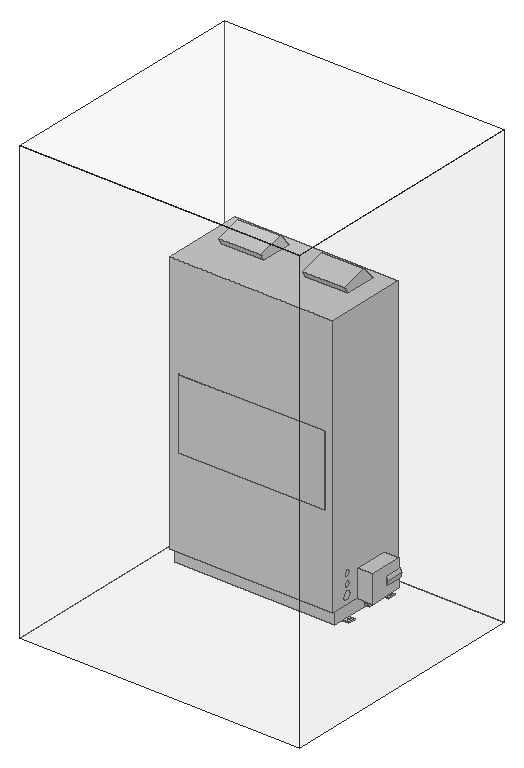
Revit family "kfh(v)(rf)-p2_10a(1)_60Hz", category 機械設備, Revit 2019
Family settings
  丸型コネクタ寸法 = 直径を使用
  パーツ タイプ = 標準
  OmniClass 番号 = 23.75.10.24.21.27.27
  OmniClass タイトル = Split System Air Conditioning Units
  作業面ベース = いいえ
  常に垂直 = はい
  ロード時にボイドで切り取り = いいえ
  共有 = いいえ
  部屋計算ポイント = いいえ
Parameters (values of type "RF-P5A1")
  風量（m3／min） = 70
  風量 = MAX風量  # 4200 m³/h
  音響パワーレベル(dB) = 62
  電源高 = 130.00 mm
  電源種別 = ""
  電源幅 = 490.00 mm
  電源奥 = 385.00 mm
  電圧_電気ヒーター = 0 V
  電圧 = 200 V
  電動機出力_送風機 = 0.64 kW
  電動機出力_圧縮機 = 3.7 kW
  除湿量 = 16.4
  配管高さ = 161.00 mm
  配管接続2 = yes
  配管接続1 = no
  配管奥行 = 104.00 mm
  運転質量 = 0.00 kg
  連動 = ""
  質量 = if(製品質量 > 運転質量, 製品質量, 運転質量) * 1.2  # 256.80 kg
  負荷分類 = 3_ファン類
  説明 = "産業用除湿機 産業用 冷却機能付形 床置き"
  設計暖房能力 [instance] = 0 kW
  設計冷房能力_顕熱 [instance] = 0 kW
  設計冷房能力 [instance] = 0 kW
  設置方法 = "床置形"
  記号 [instance] = ""
  製造元 = "三菱電機株式会社"
  製品質量 = 214.00 kg
  製品出荷対象 = "国内"
  製品リリース年月 = "2016/7/1"
  製品グループ = ""
  給気1 = no
  系統 [instance] = ""
  符号 = "ACC"
  積算_科目 = "1 空気調和設備"
  積算_拾い区分 [instance] = ""
  相_電気ヒーター = 1
  相 = 3
  盤記号 [instance] = ""
  発停方法 = "付属スイッチ"
  特殊仕様 [instance] = ""
  火災停止 = ""
  消費電力_電気ヒーター = 0 kW
  消費電力_暖房 = 0 kW
  消費電力_加湿器 = 0 kW
  消費電力_冷房 = 0 kW
  消費電力 = 5.7 kW
  法定耐用年数 = "15"
  機械基礎質量 [instance] = 0.00 kg
  機械基礎_W = 0.00 mm
  機械基礎_H = 0.00 mm
  機械基礎_D = 0.00 mm
  機械基礎 [instance] = no
  機外静圧 = 0.0 Pa
  極数 = 3
  材質 [instance] = ""
  本体マテリアル = none
  有効加湿量 = 0
  最大電流値 = 0 A
  暖房能力 = 0 kW
  推奨ブレーカー容量 = 0 A
  据付-W = 430.00 mm
  据付-D = 170.00 mm
  形式_加湿器 = ""
  形式 = "床置き冷却機能付形"
  形名 = KFH(RF)-P5A1 : RF-P5A1
  幹線記号 [instance] = ""
  始動方式 = "直入"
  呼称 = "産業用除湿機"
  周波数 = 60 Hz
  吸込口-高2 = 0.00 mm
  吸込口-高1 = 558.00 mm
  吸込口-高 = 420.00 mm
  吸込口-幅 = 870.00 mm
  台数_手元リモコン [instance] = ""
  台数_冷媒分岐ユニット [instance] = ""
  参照している仕様書等のバージョン = ""
  加湿給水管径 = 0.00 mm
  前吸込-高さ位置 = 616.00 mm
  分類コード = "50059003100000"
  分類グループ = ""
  冷房能力 = 0 kW
  冷媒高低圧ガス管径 = 0.00 mm
  冷媒管径符号 = "Cd"
  冷媒管径 = 100.00 mm
  冷媒液管径 = 12.70 mm
  冷媒ガス管径 = 15.88 mm
  価格 = 0
  企業コード = "108420"
  付属品_フィルター = ""
  付属品 [instance] = ""
  仕様書バージョン = "Version1.0"
  モデル = "RF-P5A1"
  ドレン管径 = 34.00 mm
  ドレン2-高さ = 505.00 mm
  ドレン2-奥行 = 92.00 mm
  ドレン-高さ = 30.00 mm
  ドレン-幅 = 512.00 mm
  ドレン-奥行 = 235.00 mm
  ドレン(no.2)-高さ = 505.00 mm
  ドレン(no.2)-径 = 34.00 mm
  ドレン(no.2)-奥行 = 92.00 mm
  サービススペース = yes
  コメント [instance] = ""
  Keynote = ""
  Width = 980.00 mm
  Version = ""
  Uniclass2015Version = "Systems v1.9"
  Uniclass2015Title = "Air handling units"
  Uniclass2015Code = "Pr_60_65_03_86"
  URL = "https://www.mitsubishielectric.co.jp/ldg/wink/qr/002/268681/"
  S寸法 = 0.00 mm
  SpecificationReference = ""
  SpecificationDescription = ""
  Revision = ""
  ProductInformation = ""
  OmniClassCode = "23-33-25 00"
  MAX風量 = 風量（m3／min） * 60 m³/h  # 4200 m³/h
  IfcTypeProduct = ""
  IfcProduct = ""
  IfcExportType = "AIRHANDLER"
  IfcExportAs = "IfcUnitaryEquipmentType"
  Height = 1650.00 mm
  Depth = 485.00 mm
  Clearance Top = 1000.00 mm
  Clearance Right = 600.00 mm
  Clearance Left = 100.00 mm
  Clearance Front = 1000.00 mm
  Clearance Back = 50.00 mm
  COP = 0
  Author = "三菱電機株式会社"
Types (10, lengths in mm): name | 風量（m3／min） | 風量 | 音響パワーレベル(dB) | 電源高 | 電源幅 | 電源奥 | 電動機出力_送風機 | 電動機出力_圧縮機 | 除湿量 | 配管接続2 | 配管接続1 | 配管奥行 | 質量 | 説明 | 製品質量 | 製品リリース年月 | 給気1 | 消費電力 | 据付-W | 据付-D | 形式 | 形名 | 吸込口-高 | 吸込口-幅 | 前吸込-高さ位置 | 冷媒管径符号 | 冷媒液管径 | 冷媒ガス管径 | モデル | ドレン管径 | ドレン2-高さ | ドレン2-奥行 | ドレン-高さ | ドレン-幅 | ドレン-奥行 | ドレン(no.2)-高さ | ドレン(no.2)-径 | ドレン(no.2)-奥行 | Width | URL | MAX風量 | Height | Depth | Clearance Back
  KFH-P3A1 | 29 | 1740 m³/h | 50.5 | 130.00 | 320.00 | 385.00 | 0.2 kW | 2.2 kW | 7.8 | no | no | 107.00 | 162.00 kg | "産業用除湿機 産業用 除湿専用形 床置き" | 135.00 kg | "2016/7/1" | no | 2.7 kW | 674.00 | 170.00 | "床置き除湿専用形" | KFH(RF)-P2,3A1 : KFH-P3A1 | 420.00 | 430.00 | 616.00 | "" | 0.00 | 0.00 | "KFH-P3A1" | 34.00 | 505.00 | 92.00 | 30.00 | 333.00 | 235.00 | 505.00 | 34.00 | 92.00 | 640.00 | "https://www.mitsubishielectric.co.jp/ldg/wink/qr/002/268669/" | 1740 m³/h | 1550.00 | 485.00 | 50.00
  KFH-P5A1 | 70 | 4200 m³/h | 62 | 130.00 | 490.00 | 385.00 | 0.64 kW | 3.7 kW | 16.3 | no | no | 107.00 | 228.00 kg | "産業用除湿機 産業用 除湿専用形 床置き" | 190.00 kg | "2016/7/1" | no | 5.2 kW | 430.00 | 170.00 | "床置き除湿専用形" | KFH(RF)-P5A1 : KFH-P5A1 | 420.00 | 870.00 | 616.00 | "" | 0.00 | 0.00 | "KFH-P5A1" | 34.00 | 505.00 | 92.00 | 30.00 | 512.00 | 235.00 | 505.00 | 34.00 | 92.00 | 980.00 | "https://www.mitsubishielectric.co.jp/ldg/wink/qr/002/268671/" | 4200 m³/h | 1650.00 | 485.00 | 50.00
  KFHV-P7A | 86 | 5160 m³/h | 64 | 121.00 | 600.00 | 346.00 | 0.64 kW | 5.2 kW | 20.8 | no | no | 107.00 | 303.60 kg | "産業用除湿機 産業用 除湿専用形 床置き" | 253.00 kg | "2019/11/26" | no | 6.2 kW | 430.00 | 170.00 | "床置き除湿専用形" | KFHV-P7_9A : KFHV-P7_9A | 420.00 | 1090.00 | 778.00 | "" | 0.00 | 0.00 | "KFHV-P7A" | 42.70 | 601.00 | 108.00 | 26.00 | 622.00 | 236.00 | 601.00 | 42.70 | 108.00 | 1200.00 | "https://www.mitsubishielectric.co.jp/ldg/wink/qr/002/303916/" | 5160 m³/h | 1883.00 | 484.00 | 0.00
  KFHV-P9A | 86 | 5160 m³/h | 64 | 121.00 | 600.00 | 346.00 | 0.64 kW | 7.1 kW | 26.1 | no | no | 107.00 | 303.60 kg | "産業用除湿機 産業用 除湿専用形 床置き" | 253.00 kg | "2019/11/26" | no | 8.9 kW | 430.00 | 170.00 | "床置き除湿専用形" | KFHV-P7_9A : KFHV-P7_9A | 420.00 | 1090.00 | 778.00 | "" | 0.00 | 0.00 | "KFHV-P9A" | 42.70 | 601.00 | 108.00 | 26.00 | 622.00 | 236.00 | 601.00 | 42.70 | 108.00 | 1200.00 | "https://www.mitsubishielectric.co.jp/ldg/wink/qr/002/303918/" | 5160 m³/h | 1883.00 | 484.00 | 0.00
  KFH-P10A1 | 90 | 5400 m³/h | 62.5 | 210.00 | 710.00 | 389.00 | 1.5 kW | 7.5 kW | 26.3 | no | no | 107.00 | 339.60 kg | "産業用除湿機 産業用 除湿専用形 床置き" | 283.00 kg | "2016/7/1" | yes | 11.8 kW | 1454.00 | 300.00 | "床置き除湿専用形" | KFH(RF)-P10A1 : KFH-P10A1 | 460.00 | 1320.00 | 755.00 | "" | 0.00 | 0.00 | "KFH-P10A1" | 42.70 | 630.00 | 107.00 | 102.00 | 718.00 | 235.00 | 630.00 | 42.70 | 107.00 | 1420.00 | "https://www.mitsubishielectric.co.jp/ldg/wink/qr/002/268673/" | 5400 m³/h | 1800.00 | 485.00 | 50.00
  RF-P5A1 | 70 | 4200 m³/h | 62 | 130.00 | 490.00 | 385.00 | 0.64 kW | 3.7 kW | 16.4 | yes | no | 104.00 | 256.80 kg | "産業用除湿機 産業用 冷却機能付形 床置き" | 214.00 kg | "2016/7/1" | no | 5.7 kW | 430.00 | 170.00 | "床置き冷却機能付形" | KFH(RF)-P5A1 : RF-P5A1 | 420.00 | 870.00 | 616.00 | "Cd" | 12.70 | 15.88 | "RF-P5A1" | 34.00 | 505.00 | 92.00 | 30.00 | 512.00 | 235.00 | 505.00 | 34.00 | 92.00 | 980.00 | "https://www.mitsubishielectric.co.jp/ldg/wink/qr/002/268681/" | 4200 m³/h | 1650.00 | 485.00 | 50.00
  RF-P2A1 | 22 | 1320 m³/h | 50 | 130.00 | 320.00 | 385.00 | 0.06 kW | 1.5 kW | 6 | yes | no | 107.00 | 151.20 kg | "産業用除湿機 産業用 冷却機能付形 床置き" | 126.00 kg | "2016/7/1" | no | 2.1 kW | 674.00 | 170.00 | "床置き冷却機能付形" | KFH(RF)-P2,3A1 : RF-P2A1 | 420.00 | 430.00 | 616.00 | "Bc" | 9.52 | 12.70 | "RF-P2A1" | 34.00 | 505.00 | 92.00 | 30.00 | 333.00 | 235.00 | 505.00 | 34.00 | 92.00 | 640.00 | "https://www.mitsubishielectric.co.jp/ldg/wink/qr/002/268677/" | 1320 m³/h | 1550.00 | 485.00 | 50.00
  RF-P3A1 | 29 | 1740 m³/h | 50.5 | 130.00 | 320.00 | 385.00 | 0.2 kW | 2.2 kW | 8.7 | yes | no | 107.00 | 181.20 kg | "産業用除湿機 産業用 冷却機能付形 床置き" | 151.00 kg | "2016/7/1" | no | 2.8 kW | 430.00 | 170.00 | "床置き冷却機能付形" | KFH(RF)-P2,3A1 : RF-P3A1 | 420.00 | 430.00 | 616.00 | "Bc" | 9.52 | 12.70 | "RF-P3A1" | 34.00 | 505.00 | 92.00 | 30.00 | 333.00 | 235.00 | 505.00 | 34.00 | 92.00 | 640.00 | "https://www.mitsubishielectric.co.jp/ldg/wink/qr/002/268679/" | 1740 m³/h | 1550.00 | 485.00 | 50.00
  RF-P10A1 | 90 | 5400 m³/h | 62.5 | 210.00 | 710.00 | 389.00 | 1.5 kW | 7.5 kW | 23.6 | no | yes | 107.00 | 352.80 kg | "産業用除湿機 産業用 冷却機能付形 床置き" | 294.00 kg | "2016/7/1" | yes | 12.9 kW | 430.00 | 170.00 | "床置き冷却機能付形" | KFH(RF)-P10A1 : RF-P10A1 | 460.00 | 1320.00 | 755.00 | "De" | 15.88 | 19.05 | "RF-P10A1" | 42.70 | 630.00 | 107.00 | 102.00 | 718.00 | 235.00 | 630.00 | 42.70 | 107.00 | 1420.00 | "https://www.mitsubishielectric.co.jp/ldg/wink/qr/002/268683/" | 5400 m³/h | 1800.00 | 485.00 | 50.00
  KFH-P2A1 | 22 | 1320 m³/h | 50 | 130.00 | 320.00 | 385.00 | 0.06 kW | 1.5 kW | 6.2 | no | no | 107.00 | 136.80 kg | "産業用除湿機 産業用 除湿専用形 床置き" | 114.00 kg | "2016/7/1" | no | 1.8 kW | 674.00 | 170.00 | "床置き除湿専用形" | KFH(RF)-P2,3A1 : KFH-P2A1 | 420.00 | 430.00 | 616.00 | "" | 0.00 | 0.00 | "KFH-P2A1" | 34.00 | 505.00 | 92.00 | 30.00 | 333.00 | 235.00 | 505.00 | 34.00 | 92.00 | 640.00 | "https://www.mitsubishielectric.co.jp/ldg/wink/qr/002/268667/" | 1320 m³/h | 1550.00 | 485.00 | 50.00
Reference planes
  plane 1: z = 0
  plane 2: z = 1650
  plane 3: z = 0
  plane 4: z = 2650
  plane 5 "中心(正面/背面)": y = -242.5
  plane 6 "中心(左/右)": x = 0
  plane 7 "左": x = -490
  plane 8 "右": x = 490
  plane 9 "正面": y = -485
  plane 10 "背面": y = 0
  plane 11: y = 0
  plane 12: x = -490
  plane 13: y = -485
  plane 14: y = 50
  plane 15: y = -1485
  plane 16: x = -590
  plane 17: x = 1090
  plane 18 "unit_right": x = 490
  plane 19: x = 435
  plane 20: x = -435
  plane 21: y = -55
  plane 22: y = -225
  plane 23: x = 320
  plane 24: y = -385
  plane 25: z = 130
  plane 26: z = 616
  plane 27: x = 512
  plane 28: y = -235
  plane 29: z = 30
  plane 30: z = 1036
  plane 31: x = 544
  plane 32: z = 161
  plane 33: y = -104
  plane 34: z = 630
  plane 35: y = -92
  plane 36: z = 505
Forms (mm)
  Extrusion 1, solid
    sketch origin (490, 1041.25, 1200) x (0, 1, 0) y (0, 0, 1)
      loop
        circle (-1426.25, -1070) r 21.5
    from 0 to -1
  Extrusion 2, solid
    sketch origin (512, -1524, 2438.4) x (0, 0, 1) y (0, -1, 0)
      loop
        circle (-2408.4, -1289) r 17
    from 0 to -1
  Extrusion 3, solid
    sketch origin (1480.036, -485, 1200) x (1, 0, 0) y (0, 0, 1)
      loop
        line (-1915.036, -164) -> (-1915.036, -584) -> (-1045.036, -584) -> (-1045.036, -164) -> (-1915.036, -164)
    from -4 to -5
  Extrusion 4, solid, visible <- "給気1"
    sketch origin (0, 0, 0) x (1, 0, 0) y (0, 1, 0)
      loop
        line (-363, -39) -> (-363, -334) -> (492, -334) -> (492, -39) -> (-363, -39)
    from 1895 to 1898
  Extrusion 5, solid, visible <- "配管接続1"
    sketch origin (490, 1041.25, 1200) x (0, 1, 0) y (0, 0, 1)
      loop
        circle (-1199.75, -975) r 50
    from 0 to -100
  Extrusion 6, solid, visible <- "配管接続2"
    sketch origin (1480.036, -485, 1200) x (1, 0, 0) y (0, 0, 1)
      loop
        circle (-936.036, -1039) r 50
    from -278 to -381
  Extrusion 7, solid, not visible
    sketch origin (490, 1041.25, 1200) x (0, 1, 0) y (0, 0, 1)
      loop
        circle (-1133.25, -695) r 17
    from 0 to -3
Dimensions and locks
  "Height": plane 2 to plane 3
  "Clearance Top": plane 4 to plane 2
  "機械基礎_H": plane 3 to plane 1
  equal spacing: plane 7 "左", plane 6 "中心(左/右)", plane 8 "右"
  "Width": plane 7 "左" to plane 8 "右"
  equal spacing: plane 9 "正面", plane 5 "中心(正面/背面)", plane 10 "背面"
  "Depth": plane 9 "正面" to plane 10 "背面"
  "S寸法": plane 10 "背面" to plane 11
  "S寸法": plane 13 to plane 9 "正面"
  "S寸法": plane 12 to plane 7 "左"
  "Clearance Left": plane 16 to plane 7 "左"
  "Clearance Right": plane 8 "右" to plane 17
  "Clearance Front": plane 15 to plane 9 "正面"
  "Clearance Back": plane 10 "背面" to plane 14
  "S寸法": plane 8 "右" to plane 18 "unit_right"
  "据付-D": plane 22 to plane 21
  "電源幅": plane 18 "unit_right" to plane 6 "中心(左/右)"
  "電源高": plane 25 to level
  "電源奥": plane 24 to plane 11
  "前吸込-高さ位置": plane 26 to level
  "ドレン-幅": plane 27 to plane 6 "中心(左/右)"
  "ドレン-奥行": plane 28 to plane 11
  "ドレン-高さ": plane 29 to level
  "吸込口-高": plane 30 to plane 26
  equal spacing: plane 20, plane 6 "中心(左/右)", plane 19
  "吸込口-幅": plane 20 to plane 19
  Extrusion 4 sketch curve to Extrusion 4 sketch curve to plane 11 = 295.00 mm, 39.00 mm
  plane 12 to Extrusion 4 sketch curve to Extrusion 4 sketch curve = 127.00 mm, 855.00 mm
  Extrusion 5 sketch curve to level = 225.00 mm
  Extrusion 5 sketch curve to plane 11 = 158.50 mm
  "配管高さ": Extrusion 6 sketch curve to plane 3
  Extrusion 6 sketch curve to plane 18 "unit_right" = 54.00 mm
  "配管奥行": plane 33 to plane 11
  "ドレン(no.2)-奥行": plane 35 to plane 11
  "ドレン(no.2)-高さ": plane 36 to level
  "ドレン(no.2)-径": diameter of Extrusion 7 sketch curve
  aligned and locked: level to plane 1
  aligned and locked: plane 6 "中心(左/右)" to nested 1
  aligned and locked: plane 5 "中心(正面/背面)" to nested 1
  aligned and locked: plane 4 to nested 2
  aligned and locked: plane 15 to nested 2
  aligned and locked: nested 2 to plane 16
  aligned and locked: plane 17 to nested 2
  aligned and locked: nested 2 to plane 14
  aligned and locked: plane 25 to Extrusion 1 sketch curve
  aligned and locked: plane 24 to Extrusion 1 sketch curve
  aligned and locked: Extrusion 3 sketch curve to plane 30
  aligned and locked: Extrusion 3 sketch curve to plane 20
  aligned and locked: plane 19 to Extrusion 3 sketch curve
  aligned and locked: Extrusion 6 to plane 33
  aligned and locked: plane 36 to Extrusion 7 sketch curve
  aligned and locked: plane 35 to Extrusion 7 sketch curve
Automatic sketch dimensions
  Extrusion 1 sketch curve to plane 25 = 0.00 mm  (x2)
  plane 24 to Extrusion 1 sketch curve = 21.50 mm
  Extrusion 2 sketch curve to plane 28 = 0.00 mm
  plane 29 to Extrusion 2 sketch curve = 0.00 mm
  Extrusion 3 sketch curve to plane 26 = 0.00 mm
  radius of Extrusion 2 sketch curve = 17.00 mm
  radius of Extrusion 5 sketch curve = 50.00 mm
  radius of Extrusion 6 sketch curve = 50.00 mm
Nested families
  nested 1: "KFH(RF)-P5A1" at (0, -242.5, 0), type <- "形名", マテリアル1 <- "本体マテリアル", type "RF-P5A1"
  nested 2: "サービススペース(kfh-a1)" at (250, -717.5, 1325), visible <- "サービススペース", type "サービススペース(kfh-a1)"
    with Width 1680.00 mm, Height 2650.00 mm, Depth 1535.00 mm
Connectors
  electrical at (490, -385, 130), driven by "極数", driven by "負荷分類", driven by "電圧", driven by "消費電力"
    settings: on Extrusion 1, index 23, voltage 200 V, apparent load 5700 VA, apparent load phase1 0 VA, apparent load phase2 0 VA, apparent load phase3 0 VA, power factor 1, load classification "3_ファン類", number of poles 3, system type 30, power factor state 1, is connector primary yes, connector utility no, sub classification motor no, connector description ""
  piping at (512, -235, 30), diameter 34
    settings: on Extrusion 2, index 29, connector inside diameter 609.60 mm, connector length 0.00 mm, flow factor 0, pipe flow 0.0 L/s, pressure drop 0.0 Pa, fitting loss kfactor 0, connector angle 0.00°, fixture units 0, engagement length 0.00 mm, angle of deflection 0.00°, flow configuration 1, flow direction 2, fitting loss method 4, system type 16, joint type 0, gender type 0, connector reference index -1, connector utility 0, adjustable connector no, is connector primary yes, connector description ""
  hvac at (0, -481, 826), driven by "吸込口-高", driven by "吸込口-幅", driven by "風量"
    settings: on Extrusion 3, index 30, duct flow 4200 m³/h, flow factor 0, pres drop 0.0 Pa, loss coef 0, conn angle 0.00°, conn width 870 mm, conn height 420 mm, conn diameter 609.6 mm, duct sys type 29, conn prof type 1, flow config 0, flow direction 1, loss method 4, conn ref index -1, conn util no, is conn primary yes, conn desc ""
  hvac at (64.5, -186.5, 1898), driven by "風量", driven by "機外静圧"
    settings: on Extrusion 4, index 31, duct flow 4200 m³/h, flow factor 0, pres drop 0.0 Pa, loss coef 0, conn angle 0.00°, conn width 855 mm, conn height 296 mm, conn diameter 609.6 mm, duct sys type 29, conn prof type 1, flow config 0, flow direction 2, loss method 4, conn ref index -1, conn util no, is conn primary no, conn desc ""
  piping at (544, -104, 161), diameter 100, driven by "冷媒管径符号", driven by "冷媒管径"
    settings: on Extrusion 6, index 33, connector inside diameter 609.60 mm, connector length 0.00 mm, flow factor 0, pipe flow 0.0 L/s, pressure drop 0.0 Pa, fitting loss kfactor 0, connector angle 0.00°, fixture units 0, engagement length 0.00 mm, angle of deflection 0.00°, flow configuration 1, flow direction 1, fitting loss method 4, system type 7, joint type 0, gender type 0, connector reference index -1, connector utility 0, adjustable connector no, is connector primary no, connector description "Cd"
  piping at (490, -158.5, 225), diameter 100, driven by "冷媒管径符号", driven by "冷媒管径"
    settings: on Extrusion 5, index 34, connector inside diameter 609.60 mm, connector length 0.00 mm, flow factor 0, pipe flow 0.0 L/s, pressure drop 0.0 Pa, fitting loss kfactor 0, connector angle 0.00°, fixture units 0, engagement length 0.00 mm, angle of deflection 0.00°, flow configuration 1, flow direction 1, fitting loss method 4, system type 7, joint type 0, gender type 0, connector reference index -1, connector utility 0, adjustable connector no, is connector primary no, connector description "Cd"
  piping at (490, -92, 505), diameter 34, driven by "ドレン管径"
    settings: on Extrusion 7, index 35, connector inside diameter 609.60 mm, connector length 0.00 mm, flow factor 0, pipe flow 0.0 L/s, pressure drop 0.0 Pa, fitting loss kfactor 0, connector angle 0.00°, fixture units 0, engagement length 0.00 mm, angle of deflection 0.00°, flow configuration 1, flow direction 2, fitting loss method 4, system type 16, joint type 0, gender type 0, connector reference index -1, connector utility 0, adjustable connector no, is connector primary no, connector description ""
Definition of nested family "KFH(RF)-P5A1"
  Parameters (values of type "RF-P5A1")
    高 = 1650.00 mm
    表示 [instance] = yes
    最外形_RF = no
    最外形_KFH = yes
    据付穴-幅 = 1014.00 mm
    据付穴-奥行 = 300.00 mm
    据付 = 1042.00 mm
    幅 = 980.00 mm
    奥行 = 485.00 mm
    土台-幅 = 1392.00 mm
    冷媒配管box [instance] = yes
    マテリアル2 [instance] = none
    マテリアル1 [instance] = none
  Types (2, lengths in mm): name | 冷媒配管box
    RF-P5A1 | yes
    KFH-P5A1 | no
  Reference planes
    plane 1 "中心(正面/背面)": y = 0
    plane 2: z = 0
    plane 3 "中心(左/右)": x = 0
    plane 4: z = 80
    plane 5: x = 490
    plane 6: x = -490
    plane 7: y = 242.5
    plane 8: y = -242.5
    plane 9: x = -521
    plane 10: x = 521
    plane 11: x = -507
    plane 12: x = 507
    plane 13: y = -224
    plane 14: y = -142.5
    plane 15: y = 157.5
    plane 16: y = -119.5
    plane 17: y = -164.5
    plane 18: y = 135.5
    plane 19: y = 180.5
    plane 20: z = 505
    plane 21: y = 150.5
    plane 22: z = 250
    plane 23: z = 190
    plane 24: z = 130
    plane 25: y = 7.5
    plane 26: z = 30
    plane 27: x = -481
    plane 28: x = 481
    plane 29: z = 1650
    plane 30: z = 1725
    plane 31: x = -435
    plane 32: x = 435
    plane 33: y = 224.2
    plane 34: y = -224.2
    plane 35: x = -124.5
    plane 36: x = 124.5
    plane 37: x = 379
    plane 38: y = 194.2
    plane 39: y = -15.8
    plane 40: z = 242
    plane 41: x = 585
    plane 42: x = -523
    plane 43: y = -220.5
    plane 44: x = 544
    plane 45: z = 124
    plane 46: z = 199
  Forms (mm)
    Extrusion 1, solid, detail levels fine
      sketch origin (-1437.329, -1524, 1748) x (-1, 0, 0) y (0, -1, 0)
        loop
          line (-947.329, -1766.5) -> (-947.329, -1281.5) -> (-1927.329, -1281.5) -> (-1927.329, -1766.5) -> (-947.329, -1766.5)
      from -1668 to -98
    Extrusion 2, solid, detail levels fine
      sketch origin (0, 0, 0) x (1, 0, 0) y (0, 1, 0)
        loop
          line (-481, 235.5) -> (-481, -220.5) -> (481, -220.5) -> (481, 235.5) -> (-481, 235.5)
      from 0 to 80
    Extrusion 3, solid, detail levels fine
      sketch origin (324, 242, 2000) x (0, 1, 0) y (0, 0, 1)
        loop
          line (-237.317, -350) -> (-47.8, -350) -> (-113.472, -274.991) -> (-257.914, -313.175) -> (-237.317, -350)
      from -199.5 to 55
    Extrusion 4, solid, detail levels fine
      sketch origin (-324, 242, 2000) x (0, 1, 0) y (0, 0, -1)
        loop
          line (-237.197, 350) -> (-257.8, 313.163) -> (-113.471, 275) -> (-47.8, 350) -> (-237.197, 350)
      from -199.5 to 55
    Extrusion 5, solid, detail levels fine
      sketch origin (0, 0, 0) x (1, 0, 0) y (0, 1, 0)
        loop
          line (-481, -164.5) -> (-481, -119.5) -> (-521, -119.5) -> (-521, -164.5) -> (-481, -164.5)
        loop
          line (-481, 180.5) -> (-521, 180.5) -> (-521, 135.5) -> (-481, 135.5) -> (-481, 180.5)
        loop
          line (481, 180.5) -> (481, 135.5) -> (521, 135.5) -> (521, 180.5) -> (481, 180.5)
        loop
          line (481, -164.5) -> (521, -164.5) -> (521, -119.5) -> (481, -119.5) -> (481, -164.5)
        loop
          circle (-507, -142.5) r 6
        loop
          circle (-507, 157.5) r 6
        loop
          circle (507, 157.5) r 6
        loop
          circle (507, -142.5) r 6
      from 0 to 5
    Extrusion 6, solid, detail levels fine
      sketch origin (490, 243.5, 1748) x (0, -1, 0) y (0, 0, -1)
        loop
          circle (386, 1498) r 13.5
      from 0 to -1
    Extrusion 7, solid, detail levels fine
      sketch origin (490, 243.5, 1748) x (0, -1, 0) y (0, 0, -1)
        loop
          circle (386, 1558) r 13.5
      from 0 to -1
    Extrusion 8, solid, detail levels fine
      sketch origin (490, 243.5, 1748) x (0, -1, 0) y (0, 0, -1)
        loop
          circle (386, 1618) r 21.5
      from 0 to -1
    Extrusion 9, solid, detail levels fine
      sketch origin (490, 242.5, 1748) x (0, -1, 0) y (0, 0, -1)
        loop
          circle (235, 1718) r 17
      from 0 to 22
    Extrusion 10, solid, detail levels fine
      sketch origin (-481, -242, 4) x (0, 1, 0) y (0, 0, -1)
        loop
          circle (249.5, -26) r 19
      from 0 to 22
    Extrusion 11, solid, detail levels fine
      sketch origin (-696, 1294.75, 1124) x (0, 1, 0) y (0, 0, -1)
        loop
          circle (-1287.25, 1094) r 17
      from -193 to -183
    Extrusion 12, solid, detail levels fine
      sketch origin (-506, 1295.25, 1128) x (0, 1, 0) y (0, 0, -1)
        loop
          line (-1278.25, 1088.5) -> (-1278.25, 1107.5) -> (-1297.25, 1107.5) -> (-1297.25, 1088.5) -> (-1278.25, 1088.5)
      from 7 to 17
    Extrusion 13, solid, detail levels fine
      sketch origin (-490, 242, 1748) x (0, -1, 0) y (0, 0, 1)
        loop
          circle (91.5, -1243) r 17
      from 0 to -1
    Extrusion 14, solid, detail levels fine
      sketch origin (-490, 242.5, 1748) x (0, -1, 0) y (0, 0, 1)
        loop
          circle (385, -1498) r 13.5
      from 0 to -1
    Extrusion 15, solid, detail levels fine
      sketch origin (-490, 242.5, 1748) x (0, -1, 0) y (0, 0, 1)
        loop
          circle (385, -1558) r 13.5
      from 0 to -1
    Extrusion 16, solid, detail levels fine
      sketch origin (-490, 242.5, 1748) x (0, -1, 0) y (0, 0, 1)
        loop
          circle (385, -1618) r 21.5
      from 0 to -1
    Extrusion 17, solid, visible <- "冷媒配管box", detail levels fine
      sketch origin (490, -242.5, 1748) x (-1, 0, 0) y (0, 0, -1)
        loop
          line (0, 1668) -> (-95, 1668) -> (-95, 1506) -> (0, 1506) -> (0, 1668)
      from -376 to -176
    Extrusion 18, solid, visible <- "最外形_KFH", detail levels coarse+medium
      sketch origin (0, 0, 0) x (1, 0, 0) y (0, 1, 0)
        loop
          line (-490, 242.5) -> (-490, -242.5) -> (490, -242.5) -> (490, 242.5) -> (-490, 242.5)
      from 0 to 1725
    Extrusion 19, solid, detail levels fine
      sketch origin (490, -242.5, 76) x (-1, 0, 0) y (0, 0, -1)
        loop
          line (925, -960) -> (925, -540) -> (53.536, -540) -> (53.536, -960) -> (925, -960)
      from 0 to -1
    Extrusion 20, solid, visible <- "最外形_RF", detail levels coarse+medium
      sketch origin (-100, 0, 0) x (1, 0, 0) y (0, 1, 0)
        loop
          line (-390, 242.5) -> (-390, -242.5) -> (685, -242.5) -> (685, 242.5) -> (-390, 242.5)
      from 0 to 1725
    Extrusion 21, solid, detail levels fine
      sketch origin (490, 133.5, 1748) x (1, 0, 0) y (0, 0, -1)
        loop
          circle (54, 1624) r 6.35
      from 0 to 6
    Extrusion 22, solid, detail levels fine
      sketch origin (490, 133.5, 1748) x (1, 0, 0) y (0, 0, -1)
        loop
          circle (54, 1549) r 7.94
      from 0 to 5
  Lines and regions (mm)
    model lines, detail levels fine
      curve 1: line (-435, -242.5, 1036) -> (-223.536, -242.5, 1036)
      curve 2: line (-435, -242.5, 1011) -> (-435, -242.5, 1036)
      curve 3: line (-223.536, -242.5, 1011) -> (-435, -242.5, 1011)
      curve 4: line (-223.536, -242.5, 1036) -> (-223.536, -242.5, 1011)
      curve 5: line (-455, -242.5, 1065) -> (455, -242.5, 1065)
      curve 6: line (-455, -242.5, 600) -> (455, -242.5, 600)
      curve 7: line (-455, -242.5, 1075) -> (455, -242.5, 1075)
      curve 8: line (-455, -242.5, 1650) -> (-455, -242.5, 80)
      curve 9: line (455, -242.5, 80) -> (455, -242.5, 1650)
      curve 10: line (-435, -242.5, 641) -> (-223.536, -242.5, 641)
      curve 11: line (-435, -242.5, 616) -> (-435, -242.5, 641)
      curve 12: line (-223.536, -242.5, 616) -> (-435, -242.5, 616)
      curve 13: line (-223.536, -242.5, 641) -> (-223.536, -242.5, 616)
      curve 14: line (-435, -242.5, 676) -> (-223.536, -242.5, 676)
      curve 15: line (-435, -242.5, 651) -> (-435, -242.5, 676)
      curve 16: line (-223.536, -242.5, 651) -> (-435, -242.5, 651)
      curve 17: line (-223.536, -242.5, 676) -> (-223.536, -242.5, 651)
      curve 18: line (-435, -242.5, 711) -> (-223.536, -242.5, 711)
      curve 19: line (-435, -242.5, 686) -> (-435, -242.5, 711)
      curve 20: line (-223.536, -242.5, 686) -> (-435, -242.5, 686)
      curve 21: line (-223.536, -242.5, 711) -> (-223.536, -242.5, 686)
      curve 22: line (-435, -242.5, 746) -> (-223.536, -242.5, 746)
      curve 23: line (-435, -242.5, 721) -> (-435, -242.5, 746)
      curve 24: line (-223.536, -242.5, 721) -> (-435, -242.5, 721)
      curve 25: line (-223.536, -242.5, 746) -> (-223.536, -242.5, 721)
      curve 26: line (-435, -242.5, 781) -> (-223.536, -242.5, 781)
      curve 27: line (-435, -242.5, 756) -> (-435, -242.5, 781)
      curve 28: line (-223.536, -242.5, 756) -> (-435, -242.5, 756)
      curve 29: line (-223.536, -242.5, 781) -> (-223.536, -242.5, 756)
      curve 30: line (-435, -242.5, 816) -> (-223.536, -242.5, 816)
      curve 31: line (-435, -242.5, 791) -> (-435, -242.5, 816)
      curve 32: line (-223.536, -242.5, 791) -> (-435, -242.5, 791)
      curve 33: line (-223.536, -242.5, 816) -> (-223.536, -242.5, 791)
      curve 34: line (-435, -242.5, 851) -> (-223.536, -242.5, 851)
      curve 35: line (-435, -242.5, 826) -> (-435, -242.5, 851)
      curve 36: line (-223.536, -242.5, 826) -> (-435, -242.5, 826)
      curve 37: line (-223.536, -242.5, 851) -> (-223.536, -242.5, 826)
      curve 38: line (-435, -242.5, 886) -> (-223.536, -242.5, 886)
      curve 39: line (-435, -242.5, 861) -> (-435, -242.5, 886)
      curve 40: line (-223.536, -242.5, 861) -> (-435, -242.5, 861)
      curve 41: line (-223.536, -242.5, 886) -> (-223.536, -242.5, 861)
      curve 42: line (-435, -242.5, 921) -> (-223.536, -242.5, 921)
      curve 43: line (-435, -242.5, 896) -> (-435, -242.5, 921)
      curve 44: line (-223.536, -242.5, 896) -> (-435, -242.5, 896)
      curve 45: line (-223.536, -242.5, 921) -> (-223.536, -242.5, 896)
      curve 46: line (-435, -242.5, 956) -> (-223.536, -242.5, 956)
      curve 47: line (-435, -242.5, 931) -> (-435, -242.5, 956)
      curve 48: line (-223.536, -242.5, 931) -> (-435, -242.5, 931)
      curve 49: line (-223.536, -242.5, 956) -> (-223.536, -242.5, 931)
      curve 50: line (-435, -242.5, 991) -> (-223.536, -242.5, 991)
      curve 51: line (-435, -242.5, 966) -> (-435, -242.5, 991)
      curve 52: line (-223.536, -242.5, 966) -> (-435, -242.5, 966)
      curve 53: line (-223.536, -242.5, 991) -> (-223.536, -242.5, 966)
      curve 54: line (-215, -242.5, 1036) -> (-3.536, -242.5, 1036)
      curve 55: line (-215, -242.5, 1011) -> (-215, -242.5, 1036)
      curve 56: line (-3.536, -242.5, 1011) -> (-215, -242.5, 1011)
      curve 57: line (-3.536, -242.5, 1036) -> (-3.536, -242.5, 1011)
      curve 58: line (-215, -242.5, 641) -> (-3.536, -242.5, 641)
      curve 59: line (-215, -242.5, 616) -> (-215, -242.5, 641)
      curve 60: line (-3.536, -242.5, 616) -> (-215, -242.5, 616)
      curve 61: line (-3.536, -242.5, 641) -> (-3.536, -242.5, 616)
      curve 62: line (-215, -242.5, 676) -> (-3.536, -242.5, 676)
      curve 63: line (-215, -242.5, 651) -> (-215, -242.5, 676)
      curve 64: line (-3.536, -242.5, 651) -> (-215, -242.5, 651)
      curve 65: line (-3.536, -242.5, 676) -> (-3.536, -242.5, 651)
      curve 66: line (-215, -242.5, 711) -> (-3.536, -242.5, 711)
      curve 67: line (-215, -242.5, 686) -> (-215, -242.5, 711)
      curve 68: line (-3.536, -242.5, 686) -> (-215, -242.5, 686)
      curve 69: line (-3.536, -242.5, 711) -> (-3.536, -242.5, 686)
      curve 70: line (-215, -242.5, 746) -> (-3.536, -242.5, 746)
      curve 71: line (-215, -242.5, 721) -> (-215, -242.5, 746)
      curve 72: line (-3.536, -242.5, 721) -> (-215, -242.5, 721)
      curve 73: line (-3.536, -242.5, 746) -> (-3.536, -242.5, 721)
      curve 74: line (-215, -242.5, 781) -> (-3.536, -242.5, 781)
      curve 75: line (-215, -242.5, 756) -> (-215, -242.5, 781)
      curve 76: line (-3.536, -242.5, 756) -> (-215, -242.5, 756)
      curve 77: line (-3.536, -242.5, 781) -> (-3.536, -242.5, 756)
      curve 78: line (-215, -242.5, 816) -> (-3.536, -242.5, 816)
      curve 79: line (-215, -242.5, 791) -> (-215, -242.5, 816)
      curve 80: line (-3.536, -242.5, 791) -> (-215, -242.5, 791)
      curve 81: line (-3.536, -242.5, 816) -> (-3.536, -242.5, 791)
      curve 82: line (-215, -242.5, 851) -> (-3.536, -242.5, 851)
      curve 83: line (-215, -242.5, 826) -> (-215, -242.5, 851)
      curve 84: line (-3.536, -242.5, 826) -> (-215, -242.5, 826)
      curve 85: line (-3.536, -242.5, 851) -> (-3.536, -242.5, 826)
      curve 86: line (-215, -242.5, 886) -> (-3.536, -242.5, 886)
      curve 87: line (-215, -242.5, 861) -> (-215, -242.5, 886)
      curve 88: line (-3.536, -242.5, 861) -> (-215, -242.5, 861)
      curve 89: line (-3.536, -242.5, 886) -> (-3.536, -242.5, 861)
      curve 90: line (-215, -242.5, 921) -> (-3.536, -242.5, 921)
      curve 91: line (-215, -242.5, 896) -> (-215, -242.5, 921)
      curve 92: line (-3.536, -242.5, 896) -> (-215, -242.5, 896)
      curve 93: line (-3.536, -242.5, 921) -> (-3.536, -242.5, 896)
      curve 94: line (-215, -242.5, 956) -> (-3.536, -242.5, 956)
      curve 95: line (-215, -242.5, 931) -> (-215, -242.5, 956)
      curve 96: line (-3.536, -242.5, 931) -> (-215, -242.5, 931)
      curve 97: line (-3.536, -242.5, 956) -> (-3.536, -242.5, 931)
      curve 98: line (-215, -242.5, 991) -> (-3.536, -242.5, 991)
      curve 99: line (-215, -242.5, 966) -> (-215, -242.5, 991)
      curve 100: line (-3.536, -242.5, 966) -> (-215, -242.5, 966)
      curve 101: line (-3.536, -242.5, 991) -> (-3.536, -242.5, 966)
      curve 102: line (5, -242.5, 1036) -> (216.464, -242.5, 1036)
      curve 103: line (5, -242.5, 1011) -> (5, -242.5, 1036)
      curve 104: line (216.464, -242.5, 1011) -> (5, -242.5, 1011)
      curve 105: line (216.464, -242.5, 1036) -> (216.464, -242.5, 1011)
      curve 106: line (5, -242.5, 641) -> (216.464, -242.5, 641)
      curve 107: line (5, -242.5, 616) -> (5, -242.5, 641)
      curve 108: line (216.464, -242.5, 616) -> (5, -242.5, 616)
      curve 109: line (216.464, -242.5, 641) -> (216.464, -242.5, 616)
      curve 110: line (5, -242.5, 676) -> (216.464, -242.5, 676)
      curve 111: line (5, -242.5, 651) -> (5, -242.5, 676)
      curve 112: line (216.464, -242.5, 651) -> (5, -242.5, 651)
      curve 113: line (216.464, -242.5, 676) -> (216.464, -242.5, 651)
      curve 114: line (5, -242.5, 711) -> (216.464, -242.5, 711)
      curve 115: line (5, -242.5, 686) -> (5, -242.5, 711)
      curve 116: line (216.464, -242.5, 686) -> (5, -242.5, 686)
      curve 117: line (216.464, -242.5, 711) -> (216.464, -242.5, 686)
      curve 118: line (5, -242.5, 746) -> (216.464, -242.5, 746)
      curve 119: line (5, -242.5, 721) -> (5, -242.5, 746)
      curve 120: line (216.464, -242.5, 721) -> (5, -242.5, 721)
      curve 121: line (216.464, -242.5, 746) -> (216.464, -242.5, 721)
      curve 122: line (5, -242.5, 781) -> (216.464, -242.5, 781)
      curve 123: line (5, -242.5, 756) -> (5, -242.5, 781)
      curve 124: line (216.464, -242.5, 756) -> (5, -242.5, 756)
      curve 125: line (216.464, -242.5, 781) -> (216.464, -242.5, 756)
      curve 126: line (5, -242.5, 816) -> (216.464, -242.5, 816)
      curve 127: line (5, -242.5, 791) -> (5, -242.5, 816)
      curve 128: line (216.464, -242.5, 791) -> (5, -242.5, 791)
      curve 129: line (216.464, -242.5, 816) -> (216.464, -242.5, 791)
      curve 130: line (5, -242.5, 851) -> (216.464, -242.5, 851)
      curve 131: line (5, -242.5, 826) -> (5, -242.5, 851)
      curve 132: line (216.464, -242.5, 826) -> (5, -242.5, 826)
      curve 133: line (216.464, -242.5, 851) -> (216.464, -242.5, 826)
      curve 134: line (5, -242.5, 886) -> (216.464, -242.5, 886)
      curve 135: line (5, -242.5, 861) -> (5, -242.5, 886)
      curve 136: line (216.464, -242.5, 861) -> (5, -242.5, 861)
      curve 137: line (216.464, -242.5, 886) -> (216.464, -242.5, 861)
      curve 138: line (5, -242.5, 921) -> (216.464, -242.5, 921)
      curve 139: line (5, -242.5, 896) -> (5, -242.5, 921)
      curve 140: line (216.464, -242.5, 896) -> (5, -242.5, 896)
      curve 141: line (216.464, -242.5, 921) -> (216.464, -242.5, 896)
      curve 142: line (5, -242.5, 956) -> (216.464, -242.5, 956)
      curve 143: line (5, -242.5, 931) -> (5, -242.5, 956)
      curve 144: line (216.464, -242.5, 931) -> (5, -242.5, 931)
      curve 145: line (216.464, -242.5, 956) -> (216.464, -242.5, 931)
      curve 146: line (5, -242.5, 991) -> (216.464, -242.5, 991)
      curve 147: line (5, -242.5, 966) -> (5, -242.5, 991)
      curve 148: line (216.464, -242.5, 966) -> (5, -242.5, 966)
      curve 149: line (216.464, -242.5, 991) -> (216.464, -242.5, 966)
      curve 150: line (225, -242.5, 1036) -> (436.464, -242.5, 1036)
      curve 151: line (225, -242.5, 1011) -> (225, -242.5, 1036)
      curve 152: line (436.464, -242.5, 1011) -> (225, -242.5, 1011)
      curve 153: line (436.464, -242.5, 1036) -> (436.464, -242.5, 1011)
      curve 154: line (225, -242.5, 641) -> (436.464, -242.5, 641)
      curve 155: line (225, -242.5, 616) -> (225, -242.5, 641)
      curve 156: line (436.464, -242.5, 616) -> (225, -242.5, 616)
      curve 157: line (436.464, -242.5, 641) -> (436.464, -242.5, 616)
      curve 158: line (225, -242.5, 676) -> (436.464, -242.5, 676)
      curve 159: line (225, -242.5, 651) -> (225, -242.5, 676)
      curve 160: line (436.464, -242.5, 651) -> (225, -242.5, 651)
      curve 161: line (436.464, -242.5, 676) -> (436.464, -242.5, 651)
      curve 162: line (225, -242.5, 711) -> (436.464, -242.5, 711)
      curve 163: line (225, -242.5, 686) -> (225, -242.5, 711)
      curve 164: line (436.464, -242.5, 686) -> (225, -242.5, 686)
      curve 165: line (436.464, -242.5, 711) -> (436.464, -242.5, 686)
      curve 166: line (225, -242.5, 746) -> (436.464, -242.5, 746)
      curve 167: line (225, -242.5, 721) -> (225, -242.5, 746)
      curve 168: line (436.464, -242.5, 721) -> (225, -242.5, 721)
      curve 169: line (436.464, -242.5, 746) -> (436.464, -242.5, 721)
      curve 170: line (225, -242.5, 781) -> (436.464, -242.5, 781)
      curve 171: line (225, -242.5, 756) -> (225, -242.5, 781)
      curve 172: line (436.464, -242.5, 756) -> (225, -242.5, 756)
      curve 173: line (436.464, -242.5, 781) -> (436.464, -242.5, 756)
      curve 174: line (225, -242.5, 816) -> (436.464, -242.5, 816)
      curve 175: line (225, -242.5, 791) -> (225, -242.5, 816)
      curve 176: line (436.464, -242.5, 791) -> (225, -242.5, 791)
      curve 177: line (436.464, -242.5, 816) -> (436.464, -242.5, 791)
      curve 178: line (225, -242.5, 851) -> (436.464, -242.5, 851)
      curve 179: line (225, -242.5, 826) -> (225, -242.5, 851)
      curve 180: line (436.464, -242.5, 826) -> (225, -242.5, 826)
      curve 181: line (436.464, -242.5, 851) -> (436.464, -242.5, 826)
      curve 182: line (225, -242.5, 886) -> (436.464, -242.5, 886)
      curve 183: line (225, -242.5, 861) -> (225, -242.5, 886)
      curve 184: line (436.464, -242.5, 861) -> (225, -242.5, 861)
      curve 185: line (436.464, -242.5, 886) -> (436.464, -242.5, 861)
      curve 186: line (225, -242.5, 921) -> (436.464, -242.5, 921)
      curve 187: line (225, -242.5, 896) -> (225, -242.5, 921)
      curve 188: line (436.464, -242.5, 896) -> (225, -242.5, 896)
      curve 189: line (436.464, -242.5, 921) -> (436.464, -242.5, 896)
      curve 190: line (225, -242.5, 956) -> (436.464, -242.5, 956)
      curve 191: line (225, -242.5, 931) -> (225, -242.5, 956)
      curve 192: line (436.464, -242.5, 931) -> (225, -242.5, 931)
      curve 193: line (436.464, -242.5, 956) -> (436.464, -242.5, 931)
      curve 194: line (225, -242.5, 991) -> (436.464, -242.5, 991)
      curve 195: line (225, -242.5, 966) -> (225, -242.5, 991)
      curve 196: line (436.464, -242.5, 966) -> (225, -242.5, 966)
      curve 197: line (436.464, -242.5, 991) -> (436.464, -242.5, 966)
  Dimensions and locks
    plane 4 to level = 80.00 mm
    "幅": plane 6 to plane 5
    "奥行": plane 8 to plane 7
    equal spacing: plane 8, plane 1 "中心(正面/背面)", plane 7
    equal spacing: plane 6, plane 3 "中心(左/右)", plane 5
    "据付": plane 9 to plane 10
    equal spacing: plane 9, plane 3 "中心(左/右)", plane 10
    "据付穴-幅": plane 11 to plane 12
    equal spacing: plane 11, plane 3 "中心(左/右)", plane 12
    "据付穴-奥行": plane 14 to plane 15
    plane 8 to plane 14 = 100.00 mm
    plane 17 to plane 16 = 45.00 mm
    plane 18 to plane 19 = 45.00 mm
    plane 27 to plane 28 = 962.00 mm
    equal spacing: plane 27, plane 3 "中心(左/右)", plane 28
    "高": plane 29 to level
    plane 30 to plane 29 = 75.00 mm
    plane 34 to plane 33 = 448.40 mm
    plane 31 to plane 32 = 870.00 mm
    plane 40 to plane 4 = 162.00 mm
    plane 41 to Extrusion 1 = 95.00 mm
    aligned and locked: level to plane 2
    aligned and locked: plane 7 to Extrusion 1 sketch curve
    aligned and locked: plane 6 to Extrusion 1 sketch curve
    aligned and locked: Extrusion 1 sketch curve to plane 8
    aligned and locked: Extrusion 1 sketch curve to plane 5
    aligned and locked: Extrusion 1 to plane 4
    aligned and locked: plane 4 to Extrusion 2
    aligned and locked: Extrusion 5 sketch curve to plane 16
    aligned and locked: plane 17 to Extrusion 5 sketch curve
    aligned and locked: Extrusion 5 sketch curve to plane 18
    aligned and locked: plane 19 to Extrusion 5 sketch curve
    aligned and locked: Extrusion 5 sketch curve to plane 19
    aligned and locked: plane 18 to Extrusion 5 sketch curve
    aligned and locked: Extrusion 5 sketch curve to plane 9
    aligned and locked: plane 16 to Extrusion 5 sketch curve
    aligned and locked: Extrusion 5 sketch curve to plane 17
    aligned and locked: plane 9 to Extrusion 5 sketch curve
    aligned and locked: Extrusion 11 to Extrusion 10
    aligned and locked: plane 29 to Extrusion 1
    aligned and locked: Extrusion 3 to Extrusion 1
    aligned and locked: Extrusion 4 to Extrusion 1
    aligned and locked: Extrusion 18 sketch curve to Extrusion 1  (x4)
    aligned and locked: plane 12 to nested 1
    aligned and locked: plane 11 to nested 1
    aligned and locked: nested 1 to plane 15
    aligned and locked: plane 14 to nested 1
  Automatic sketch dimensions
    plane 13 to Extrusion 2 sketch curve = 3.50 mm
    Extrusion 2 sketch curve to plane 27 = 0.00 mm
    Extrusion 2 sketch curve to plane 28 = 0.00 mm
    curve 9 to Extrusion 1 = 0.00 mm  (x2)
    curve 8 to Extrusion 1 = 0.00 mm  (x2)
    curve 154 to Extrusion 1 = 53.536 mm
    curve 153 to Extrusion 1 = 53.536 mm
    curve 156 to curve 155 = 211.464 mm
    curve 150 to curve 151 = 211.464 mm
    curve 155 to curve 109 = 8.536 mm
    curve 151 to curve 104 = 8.536 mm
    curve 106 to curve 107 = 211.464 mm
    curve 104 to curve 104 = 211.464 mm
    curve 103 to curve 57 = 8.536 mm
    curve 107 to curve 60 = 8.536 mm
    curve 60 to curve 59 = 211.464 mm
    curve 56 to curve 56 = 211.464 mm
    curve 59 to curve 13 = 8.536 mm
    curve 55 to curve 4 = 8.536 mm
    Extrusion 1 to curve 2 = 55.00 mm
    Extrusion 1 to curve 11 = 55.00 mm
    Extrusion 1 to curve 4 = 614.00 mm
    curve 54 to curve 1 = 0.00 mm
    curve 105 to curve 54 = 0.00 mm
    curve 150 to curve 102 = 0.00 mm
    curve 150 to curve 153 = 25.00 mm
    curve 104 to curve 151 = 0.00 mm
    curve 1 to curve 4 = 25.00 mm
    curve 55 to curve 3 = 0.00 mm
    curve 56 to curve 58 = 370.00 mm
    curve 13 to curve 58 = 0.00 mm
    curve 154 to curve 58 = 0.00 mm
    curve 106 to curve 58 = 0.00 mm
    curve 106 to curve 108 = 25.00 mm
    curve 61 to curve 107 = 0.00 mm
    curve 13 to curve 59 = 0.00 mm
    curve 156 to curve 108 = 0.00 mm
    curve 9 to Extrusion 1 = 35.00 mm
    curve 11 to curve 6 = 20.00 mm
    curve 7 to curve 1 = 39.00 mm
    curve 7 to curve 5 = 10.00 mm
    curve 11 to curve 6 = 16.00 mm
    Extrusion 3 sketch curve to plane 29 = 0.00 mm
    Extrusion 3 sketch curve to plane 38 = 0.00 mm
    plane 30 to Extrusion 3 sketch curve = 0.009 mm
    plane 18 to Extrusion 3 sketch curve = 6.972 mm
    Extrusion 3 sketch curve to plane 25 = 2.817 mm
    plane 39 to Extrusion 3 sketch curve = 0.114 mm
    plane 29 to Extrusion 3 sketch curve = 36.825 mm
    Extrusion 4 sketch curve to plane 39 = 0.00 mm
    Extrusion 4 sketch curve to plane 29 = 0.00 mm
    Extrusion 4 sketch curve to plane 30 = 0.00 mm
    Extrusion 4 sketch curve to plane 38 = 0.00 mm
    Extrusion 4 sketch curve to plane 25 = 2.697 mm
    plane 18 to Extrusion 4 sketch curve = 6.971 mm
    plane 29 to Extrusion 4 sketch curve = 36.837 mm
    Extrusion 5 sketch curve to plane 11 = 0.00 mm  (x2)
    Extrusion 5 sketch curve to plane 27 = 0.00 mm  (x2)
    Extrusion 5 sketch curve to plane 28 = 0.00 mm  (x2)
    Extrusion 5 sketch curve to plane 12 = 0.00 mm  (x2)
    Extrusion 5 sketch curve to plane 10 = 0.00 mm  (x2)
    plane 14 to Extrusion 5 sketch curve = 0.00 mm  (x2)
    plane 15 to Extrusion 5 sketch curve = 0.00 mm  (x2)
    Extrusion 1 to Extrusion 6 sketch curve = 100.00 mm
    Extrusion 1 to Extrusion 6 sketch curve = 170.00 mm
    Extrusion 1 to Extrusion 7 sketch curve = 100.00 mm
    Extrusion 1 to Extrusion 7 sketch curve = 110.00 mm
    Extrusion 1 to Extrusion 8 sketch curve = 100.00 mm
    Extrusion 1 to Extrusion 8 sketch curve = 50.00 mm
    Extrusion 9 sketch curve to Extrusion 1 = 50.00 mm
    Extrusion 1 to Extrusion 9 sketch curve = 235.00 mm
    Extrusion 10 sketch curve to plane 25 = 0.00 mm
    Extrusion 10 sketch curve to plane 26 = 0.00 mm
    Extrusion 11 sketch curve to plane 25 = 0.00 mm
    Extrusion 11 sketch curve to plane 26 = 0.00 mm
    Extrusion 12 sketch curve to Extrusion 12 sketch curve = 19.00 mm  (x2)
    Extrusion 13 sketch curve to plane 20 = 0.00 mm
    Extrusion 13 sketch curve to plane 21 = 0.00 mm
    Extrusion 14 sketch curve to plane 22 = 0.00 mm
    Extrusion 15 sketch curve to plane 23 = 0.00 mm
    Extrusion 16 sketch curve to plane 24 = 0.00 mm
    Extrusion 17 sketch curve to Extrusion 1 = 0.00 mm  (x2)
    Extrusion 1 to Extrusion 17 sketch curve = 95.00 mm
    Extrusion 1 to Extrusion 17 sketch curve = 162.00 mm
    Extrusion 19 sketch curve to Extrusion 18 = 53.536 mm
    Extrusion 18 to Extrusion 19 sketch curve = 55.00 mm
    Extrusion 18 to Extrusion 19 sketch curve = 689.00 mm
    Extrusion 19 sketch curve to Extrusion 19 sketch curve = 420.00 mm
    plane 8 to Extrusion 20 sketch curve = 0.00 mm
    plane 7 to Extrusion 20 sketch curve = 0.00 mm
    plane 9 to Extrusion 20 sketch curve = 31.00 mm
    plane 37 to Extrusion 20 sketch curve = 206.00 mm
    plane 7 to Extrusion 2 sketch curve = 7.00 mm
    curve 152 to curve 194 = 0.00 mm
    curve 151 to curve 194 = 0.00 mm
    curve 151 to curve 194 = 20.00 mm
    curve 194 to curve 196 = 25.00 mm
    curve 196 to curve 193 = 0.00 mm
    curve 158 to curve 154 = 0.00 mm
    curve 192 to curve 189 = 0.00 mm
    curve 162 to curve 158 = 0.00 mm
    curve 188 to curve 185 = 0.00 mm
    curve 166 to curve 162 = 0.00 mm
    curve 184 to curve 181 = 0.00 mm
    curve 170 to curve 166 = 0.00 mm
    curve 177 to curve 170 = 0.00 mm
    curve 195 to curve 174 = 0.00 mm
    curve 175 to curve 172 = 0.00 mm
    curve 178 to curve 174 = 0.00 mm
    curve 171 to curve 168 = 0.00 mm
    curve 182 to curve 178 = 0.00 mm
    curve 167 to curve 164 = 0.00 mm
    curve 186 to curve 182 = 0.00 mm
    curve 160 to curve 154 = 0.00 mm
    curve 195 to curve 190 = 0.00 mm
    curve 195 to curve 149 = 8.536 mm
    curve 191 to curve 145 = 8.536 mm
    curve 187 to curve 141 = 8.536 mm
    curve 158 to curve 110 = 8.536 mm
    curve 183 to curve 137 = 8.536 mm
    curve 162 to curve 114 = 8.536 mm
    curve 179 to curve 133 = 8.536 mm
    curve 166 to curve 118 = 8.536 mm
    curve 175 to curve 129 = 8.536 mm
    curve 170 to curve 122 = 8.536 mm
    curve 103 to curve 147 = 0.00 mm
    curve 127 to curve 106 = 0.00 mm
    curve 127 to curve 124 = 0.00 mm
    curve 130 to curve 126 = 0.00 mm
    curve 123 to curve 120 = 0.00 mm
    curve 134 to curve 130 = 0.00 mm
    curve 119 to curve 116 = 0.00 mm
    curve 138 to curve 134 = 0.00 mm
    curve 112 to curve 106 = 0.00 mm
    curve 147 to curve 142 = 0.00 mm
    curve 123 to curve 77 = 8.536 mm
    curve 147 to curve 100 = 8.536 mm
    curve 143 to curve 97 = 8.536 mm
    curve 139 to curve 93 = 8.536 mm
    curve 110 to curve 62 = 8.536 mm
    curve 135 to curve 89 = 8.536 mm
    curve 114 to curve 66 = 8.536 mm
    curve 131 to curve 85 = 8.536 mm
    curve 118 to curve 70 = 8.536 mm
    curve 127 to curve 81 = 8.536 mm
    curve 55 to curve 99 = 0.00 mm
    curve 79 to curve 58 = 0.00 mm
    curve 79 to curve 76 = 0.00 mm
    curve 82 to curve 78 = 0.00 mm
    curve 75 to curve 72 = 0.00 mm
    curve 86 to curve 82 = 0.00 mm
    curve 71 to curve 68 = 0.00 mm
    curve 90 to curve 86 = 0.00 mm
    curve 64 to curve 58 = 0.00 mm
    curve 99 to curve 94 = 0.00 mm
    curve 99 to curve 53 = 8.536 mm
    curve 95 to curve 49 = 8.536 mm
    curve 62 to curve 14 = 8.536 mm
    curve 91 to curve 45 = 8.536 mm
    curve 66 to curve 18 = 8.536 mm
    curve 87 to curve 41 = 8.536 mm
    curve 70 to curve 22 = 8.536 mm
    curve 83 to curve 37 = 8.536 mm
    curve 74 to curve 26 = 8.536 mm
    curve 79 to curve 33 = 8.536 mm
    Extrusion 1 to curve 31 = 55.00 mm
    curve 31 to curve 28 = 0.00 mm
    curve 34 to curve 30 = 0.00 mm
    curve 27 to curve 24 = 0.00 mm
    curve 38 to curve 34 = 0.00 mm
    curve 23 to curve 20 = 0.00 mm
    curve 42 to curve 38 = 0.00 mm
    curve 16 to curve 10 = 0.00 mm
    curve 46 to curve 42 = 0.00 mm
    curve 2 to curve 50 = 0.00 mm
    curve 56 to curve 101 = 20.00 mm
    curve 146 to curve 98 = 0.00 mm
    curve 53 to curve 98 = 0.00 mm
    curve 148 to curve 195 = 0.00 mm
    curve 50 to curve 51 = 25.00 mm
    curve 101 to curve 147 = 0.00 mm
    curve 100 to curve 94 = 10.00 mm
    curve 196 to curve 193 = 10.00 mm
    curve 49 to curve 94 = 0.00 mm
    curve 145 to curve 190 = 0.00 mm
    curve 142 to curve 143 = 25.00 mm
    curve 190 to curve 192 = 25.00 mm
    curve 94 to curve 95 = 25.00 mm
    curve 46 to curve 47 = 25.00 mm
    curve 144 to curve 138 = 10.00 mm
    curve 192 to curve 189 = 10.00 mm
    curve 47 to curve 42 = 10.00 mm
    curve 93 to curve 138 = 0.00 mm
    curve 138 to curve 141 = 25.00 mm
    curve 188 to curve 140 = 0.00 mm
    curve 42 to curve 45 = 25.00 mm
    curve 91 to curve 44 = 0.00 mm
    curve 92 to curve 89 = 10.00 mm
    curve 188 to curve 182 = 10.00 mm
    curve 134 to curve 86 = 0.00 mm
    curve 41 to curve 86 = 0.00 mm
    curve 86 to curve 89 = 25.00 mm
    curve 134 to curve 137 = 25.00 mm
    curve 38 to curve 39 = 25.00 mm
    curve 183 to curve 136 = 0.00 mm
    curve 136 to curve 133 = 10.00 mm
    curve 82 to curve 130 = 0.00 mm
    curve 184 to curve 178 = 10.00 mm
    curve 39 to curve 34 = 10.00 mm
    curve 82 to curve 85 = 25.00 mm
    curve 36 to curve 83 = 0.00 mm
    curve 178 to curve 181 = 25.00 mm
    curve 131 to curve 84 = 0.00 mm
    curve 132 to curve 129 = 10.00 mm
    curve 81 to curve 126 = 0.00 mm
    curve 33 to curve 78 = 0.00 mm
    curve 180 to curve 174 = 10.00 mm
    curve 174 to curve 176 = 25.00 mm
    curve 30 to curve 31 = 25.00 mm
    curve 129 to curve 175 = 0.00 mm
    curve 79 to curve 32 = 0.00 mm
    curve 31 to curve 27 = 10.00 mm
    curve 80 to curve 77 = 10.00 mm
    curve 175 to curve 170 = 10.00 mm
    curve 125 to curve 170 = 0.00 mm
    curve 122 to curve 123 = 25.00 mm
    curve 171 to curve 124 = 0.00 mm
    curve 26 to curve 29 = 25.00 mm
    curve 75 to curve 28 = 0.00 mm
    curve 171 to curve 166 = 10.00 mm
    curve 121 to curve 166 = 0.00 mm
    curve 75 to curve 71 = 10.00 mm
    curve 25 to curve 70 = 0.00 mm
    curve 22 to curve 24 = 25.00 mm
    curve 166 to curve 167 = 25.00 mm
    curve 121 to curve 167 = 0.00 mm
    curve 71 to curve 24 = 0.00 mm
    curve 24 to curve 21 = 10.00 mm
    curve 72 to curve 69 = 10.00 mm
    curve 114 to curve 66 = 0.00 mm
    curve 168 to curve 165 = 10.00 mm
    curve 18 to curve 19 = 25.00 mm
    curve 114 to curve 117 = 25.00 mm
    curve 69 to curve 115 = 0.00 mm
    curve 162 to curve 165 = 25.00 mm
    curve 68 to curve 65 = 10.00 mm
    curve 164 to curve 161 = 10.00 mm
    curve 110 to curve 62 = 0.00 mm
    curve 14 to curve 62 = 0.00 mm
    curve 16 to curve 10 = 10.00 mm
    curve 159 to curve 154 = 10.00 mm
    curve 113 to curve 159 = 0.00 mm
    curve 63 to curve 16 = 0.00 mm
    Extrusion 14 sketch curve to plane 14 = 0.00 mm
    Extrusion 15 sketch curve to plane 14 = 0.00 mm
    Extrusion 16 sketch curve to plane 14 = 0.00 mm
    Extrusion 17 to Extrusion 21 sketch curve = 41.00 mm
    Extrusion 17 to Extrusion 21 sketch curve = 44.00 mm
    Extrusion 17 to Extrusion 22 sketch curve = 41.00 mm
    Extrusion 17 to Extrusion 22 sketch curve = 43.00 mm
    radius of Extrusion 5 sketch curve = 6.00 mm  (x4)
    radius of Extrusion 6 sketch curve = 13.50 mm
    radius of Extrusion 7 sketch curve = 13.50 mm
    radius of Extrusion 8 sketch curve = 21.50 mm
    radius of Extrusion 9 sketch curve = 17.00 mm
    radius of Extrusion 10 sketch curve = 19.00 mm
    radius of Extrusion 11 sketch curve = 17.00 mm
    radius of Extrusion 13 sketch curve = 17.00 mm
    radius of Extrusion 14 sketch curve = 13.50 mm
    radius of Extrusion 15 sketch curve = 13.50 mm
    radius of Extrusion 16 sketch curve = 21.50 mm
    radius of Extrusion 21 sketch curve = 6.35 mm
    radius of Extrusion 22 sketch curve = 7.94 mm
  Nested families
    nested 1: "固定点" at (-507, -142.5, 0), type "固定点"
      with W 1014.00 mm, D 300.00 mm, 中心円 12.00 mm
  Connectors
    electrical at (-490, -142.5, 130)
      settings: on Extrusion 16, index 1, voltage 0 V, apparent load 0 VA, apparent load phase1 0 VA, apparent load phase2 0 VA, apparent load phase3 0 VA, power factor 1, load classification none, number of poles 1, system type 30, power factor state 1, is connector primary yes, connector utility no, sub classification motor no, connector description ""
  Definition of nested family "固定点"
    Parameters (values of type "固定点")
      中心円 = 20.00 mm
      W [instance] = 1000.00 mm
      D [instance] = 1000.00 mm
    Reference planes
      plane 1 "中心(正面/背面)": y = 0
      plane 2: z = 0
      plane 3 "中心(左/右)": x = 0
      plane 4: x = 1000
      plane 5: y = 1000
    Lines and regions (mm)
      symbolic lines, detail levels fine
        curve 1: circle (0, 1000, 0) r 10 normal (0, 0, 1)
        curve 2: circle (0, 0, 0) r 10 normal (0, 0, 1)
        curve 3: circle (1000, 1000, 0) r 10 normal (0, 0, 1)
        curve 4: circle (1000, 0, 0) r 10 normal (0, 0, 1)
        curve 5: line (-200, 1000, 0) -> (1200, 1000, 0)
        curve 6: line (-200, 0, 0) -> (1200, 0, 0)
        curve 7: line (0, 1200, 0) -> (0, -200, 0)
        curve 8: line (1000, 1200, 0) -> (1000, -200, 0)
    Dimensions and locks
      "W": plane 3 "中心(左/右)" to plane 4
      "D": plane 1 "中心(正面/背面)" to plane 5
      "中心円": diameter of curve 1
      "中心円": diameter of curve 2
      "中心円": diameter of curve 3
      "中心円": diameter of curve 4
      aligned and locked: level to plane 2
      aligned and locked: plane 5 to curve 1
      aligned and locked: plane 3 "中心(左/右)" to curve 1
      aligned and locked: plane 3 "中心(左/右)" to curve 2
      aligned and locked: plane 1 "中心(正面/背面)" to curve 2
      aligned and locked: plane 4 to curve 3
      aligned and locked: plane 5 to curve 3
      aligned and locked: plane 1 "中心(正面/背面)" to curve 4
      aligned and locked: plane 4 to curve 4
      aligned and locked: plane 1 "中心(正面/背面)" to curve 6
      aligned and locked: curve 7 to plane 3 "中心(左/右)"
      aligned and locked: curve 8 to plane 4
    Automatic sketch dimensions
      curve 5 to plane 5 = 0.00 mm
      curve 6 to plane 3 "中心(左/右)" = 200.00 mm
      curve 5 to plane 3 "中心(左/右)" = 200.00 mm
      curve 4 to curve 6 = 200.00 mm
      curve 3 to curve 5 = 200.00 mm
      plane 1 "中心(正面/背面)" to curve 8 = 200.00 mm
      plane 1 "中心(正面/背面)" to curve 7 = 200.00 mm
      curve 3 to curve 8 = 200.00 mm
      curve 1 to curve 7 = 200.00 mm
Definition of nested family "サービススペース(kfh-a1)"
  Parameters (values of type "サービススペース")
    Width [instance] = 500.00 mm
    Height [instance] = 500.00 mm
    Depth [instance] = 500.00 mm
  Reference planes
    plane 1 "中心(正面/背面)": y = 0
    plane 2: z = 0
    plane 3 "中心(左/右)": x = 0
    plane 4: y = -250
    plane 5: x = 250
    plane 6: y = 250
    plane 7: x = -250
    plane 8: z = 250
    plane 9: z = -250
  Forms (mm)
    Extrusion 1, solid
      sketch origin (-638.939, 0, 72.39) x (1, 0, 0) y (0, 1, 0)
        loop
          line (388.939, 250) -> (388.939, -250) -> (888.939, -250) -> (888.939, 250) -> (388.939, 250)
      from -322.39 to 177.61
  Lines and regions (mm)
    symbolic lines
      curve 1: line (-250, 0, 250) -> (250, 0, 250)
      curve 2: line (-250, 0, -250) -> (-250, 0, 250)
      curve 3: line (250, 0, -250) -> (-250, 0, -250)
      curve 4: line (250, 0, 250) -> (250, 0, -250)
      curve 5: line (0, -250, 250) -> (0, 250, 250)
      curve 6: line (0, -250, -250) -> (0, -250, 250)
      curve 7: line (0, 250, -250) -> (0, -250, -250)
      curve 8: line (0, 250, 250) -> (0, 250, -250)
      curve 9: line (-250, 250, 0) -> (250, 250, 0)
      curve 10: line (-250, -250, 0) -> (-250, 250, 0)
      curve 11: line (250, -250, 0) -> (-250, -250, 0)
      curve 12: line (250, 250, 0) -> (250, -250, 0)
  Dimensions and locks
    equal spacing: plane 7, plane 3 "中心(左/右)", plane 5
    equal spacing: plane 4, plane 1 "中心(正面/背面)", plane 6
    "Depth": plane 4 to plane 6
    "Width": plane 7 to plane 5
    equal spacing: plane 8, plane 2, plane 9
    "Height": plane 8 to plane 9
    aligned and locked: plane 9 to curve 3
    aligned and locked: plane 7 to curve 2
    aligned and locked: curve 4 to plane 5
    aligned and locked: plane 5 to Extrusion 1
    aligned and locked: Extrusion 1 to plane 7
    aligned and locked: Extrusion 1 to plane 9
    aligned and locked: plane 8 to Extrusion 1
    aligned and locked: plane 9 to curve 7
  Automatic sketch dimensions
    plane 4 to Extrusion 1 sketch curve = 0.00 mm
    Extrusion 1 sketch curve to plane 7 = 0.00 mm
    Extrusion 1 sketch curve to plane 5 = 0.00 mm
    plane 6 to Extrusion 1 sketch curve = 0.00 mm
    curve 2 to plane 8 = 0.00 mm
    plane 4 to curve 11 = 0.00 mm
    curve 11 to plane 7 = 0.00 mm
    curve 11 to plane 5 = 0.00 mm
    plane 6 to curve 10 = 0.00 mm
    curve 7 to plane 4 = 0.00 mm
    curve 7 to plane 6 = 0.00 mm
    curve 6 to plane 8 = 0.00 mm
